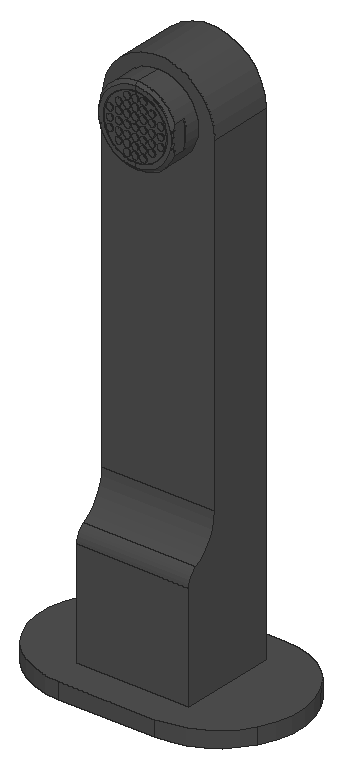
Revit family "Reece_Tap_Mizu_Soothe_Bath Outlet_160 mm", category Plumbing Fixtures, host Face, Revit 2018
Family settings
  Host = Face
  Round Connector Dimension = Use Diameter
  Part Type = Normal
  Cut with Voids When Loaded = No
  Shared = Yes
  Room Calculation Point = Yes
Parameters (values of type "Matte Black")
  WFU = 0  # constant formula
  URL = "https://www.reece.com.au/product/-9505362"
  Type Comments = "Tap"
  Reece_Tap_Reach = 160 mm  # constant formula
  Reece_Tap_Inlet = 12 mm  # constant formula
  Reece_Product_Web Page = "https://www.reece.com.au/product/-9505362"
  Reece_Product_Type = "Tap"  # constant formula
  Reece_Product_Sub Brand = "Soothe"  # constant formula
  Reece_Product_Number = "9505362"
  Reece_Product_Mount = "Wall Mounted"
  Reece_Product_Description = "Mizu Soothe Bath Outlet 160mm Matte Black"
  Reece_Product_Brand = "Mizu"  # constant formula
  Reece_Overall_Width = 80 mm  # constant formula
  Reece_Overall_Projection = 176 mm  # constant formula
  Reece_Material-Main = Reece_Brass_Matte Black
  Reece_Detail_Installation = ""
  Reece_Detail_Disclaimer = "THIS FILE IS THE PROPERTY OF THE REECE GROUP. IT MAY NOT BE REPRODUCED, REVERSE-ENGINEERED OR MODIFIED. ANY REPUBLICATION, TRANSMISSION OR DISTRIBUTION FOR THE PURPOSE OF COMMERCIALLY EXPLOITING THE FILES IS PROHIBITED."  # constant formula
  Reece_Detail_Connector = ""
  Reece_Detail_Additional = ""
  Reece_Backplate_Height = 5 mm  # constant formula
  Model = "Soothe"
  Manufacturer = "Mizu"
  Keynote = "Product #9505362, Reece_Tap_Mizu_Soothe_Bath Outlet_160 mm - Matte Black"
  HWFU = 0  # constant formula
  Disclaimer = "THIS FILE IS THE PROPERTY OF THE REECE GROUP. IT MAY NOT BE REPRODUCED, REVERSE-ENGINEERED OR MODIFIED. ANY REPUBLICATION, TRANSMISSION OR DISTRIBUTION FOR THE PURPOSE OF COMMERCIALLY EXPLOITING THE FILES IS PROHIBITED."  # constant formula
  Description = "Mizu Soothe Bath Outlet 160mm Matte Black"
  Default Elevation = 1000 mm
  CWFU = 0  # constant formula
Types (3, lengths in mm): name | URL | Reece_Product_Web Page | Reece_Product_Number | Reece_Product_Description | Reece_Material-Main | Reece_Detail_Additional | Keynote | Description
  (no name) | "https://www.reece.com.au/product/-9503821" | "https://www.reece.com.au/product/-9503821" | "9503821" | "Mizu Soothe Bath Outlet 160mm Chrome" | Reece_Brass_Chrome | "Bath Outlet" | "Product #9503821, Reece_Tap_Mizu_Soothe_Bath Outlet_160 mm -  " | "Mizu Soothe Bath Outlet 160mm Chrome"
  Chrome | "https://www.reece.com.au/product/-9503821" | "https://www.reece.com.au/product/-9503821" | "9503821" | "Mizu Soothe Bath Outlet 160mm Chrome" | Reece_Brass_Chrome | "Bath Outlet" | "Product #9503821, Reece_Tap_Mizu_Soothe_Bath Outlet_160 mm - Chrome" | "Mizu Soothe Bath Outlet 160mm Chrome"
  Matte Black | "https://www.reece.com.au/product/-9505362" | "https://www.reece.com.au/product/-9505362" | "9505362" | "Mizu Soothe Bath Outlet 160mm Matte Black" | Reece_Brass_Matte Black | "" | "Product #9505362, Reece_Tap_Mizu_Soothe_Bath Outlet_160 mm - Matte Black" | "Mizu Soothe Bath Outlet 160mm Matte Black"
Reference planes
  plane 1 "Center (Front/Back)": y = 0
  plane 2 "Bottom": z = 0
  plane 3 "Center (Left/Right)": x = 0
  plane 4: z = 176
  plane 5: x = -17.5
  plane 6: x = 17.5
  plane 7: z = 160
  plane 8: x = 40
  plane 9: x = -40
  plane 10: z = 5
  plane 11: y = -25
  plane 12: y = 25
Forms (mm)
  Extrusion 1, void
    sketch origin (0, 0, 0) x (1, 0, 0) y (0, 1, 0)
      loop
        circle (0, 0) r 11.771
    from -16.545 to 0
  Extrusion 2, solid, material "Reece_Brass_Matte Black" <- "Reece_Material-Main"
    sketch origin (0, 15, 0) x (1, 0, 0) y (0, 0, 1)
      loop
        arc (17.5, 158.5) -> (0, 176) -> (-17.5, 158.5) r 17.5
        line (-17.5, 158.5) -> (-17.5, 5) -> (17.5, 5) -> (17.5, 158.5)
    from 0 to 30
  Extrusion 3, solid, material "Reece_Brass_Matte Black" <- "Reece_Material-Main"
    sketch origin (0, -1, 0) x (1, 0, 0) y (0, 1, 0)
      loop
        arc (-15, 26) -> (-27.714, 22.526) -> (-36.894, 13.068) r 25
        arc (-36.894, 13.068) -> (-40, 0.882) -> (-36.779, -11.275) r 25
        arc (-36.779, -11.275) -> (-27.612, -20.586) -> (-15, -24) r 25
        line (-15, -24) -> (15, -24)
        arc (15, -24) -> (27.612, -20.586) -> (36.779, -11.275) r 25
        arc (36.779, -11.275) -> (40, 0.882) -> (36.894, 13.068) r 25
        arc (36.894, 13.068) -> (27.714, 22.526) -> (15, 26) r 25
        line (15, 26) -> (-15, 26)
    from 0 to 5
  Extrusion 4, void
    sketch origin (0, 0, 0) x (0, 1, 0) y (0, 0, 1)
      loop
        line (-15, 5) -> (-15, 38)
        arc (-15, 38) -> (-14.256, 40.762) -> (-12.225, 42.776) r 5.497
        arc (-12.225, 42.776) -> (-6.937, 48.02) -> (-5, 55.21) r 14.312
        line (-5, 55.21) -> (-5, 188.5) -> (-50, 188.5) -> (-50, 5) -> (-15, 5)
    from -32.43 to 31.843
  Revolve 5, solid, material "Reece_Brass_Matte Black" <- "Reece_Material-Main"
    sketch origin (0, -99.918, 94.223) x (0, 0, -1) y (0, 1, 0)
      loop
        line (-65.777, 94.918) -> (-78.132, 94.918) -> (-78.132, 86.984) -> (-77.148, 86) -> (-75.777, 86) -> (-75.777, 90.187) -> (-65.777, 90.187) -> (-65.777, 94.918)
      loop
        line (-65.777, 86) -> (-65.777, 89.992) -> (-75.53, 89.992) -> (-75.53, 86) -> (-65.777, 86)
      axis (-65.777, 94.918) -> (-65.777, 86)
    angle from 0 to 360
  Extrusion 6, void
    sketch origin (0, -94.257, 89.606) x (0, 0.052336, -0.99863) y (0, 0.99863, 0.052336)
      loop
        line (-60.881, 87.833) -> (-70.867, 88.357) -> (-71.198, 82.038) -> (-61.212, 81.515) -> (-60.881, 87.833)
    from 11.559 to 14.294
  Extrusion 7, void
    sketch origin (0, -94.257, 89.606) x (0, 0.052336, -0.99863) y (0, -0.99863, -0.052336)
      loop
        line (-60.881, -87.833) -> (-61.212, -81.515) -> (-71.198, -82.038) -> (-70.867, -88.357) -> (-60.881, -87.833)
    from 11.559 to 14.294
  Extrusion 8, solid, material "Reece_Brass_Matte Black" <- "Reece_Material-Main", detail levels fine
    sketch origin (0, 0, 0) x (1, 0, 0) y (0, 0, 1)
      loop
        circle (0, 160) r 1
      loop
        circle (2.507, 160) r 1
      loop
        circle (5.182, 160) r 1
      loop
        circle (7.948, 160) r 1
      loop
        circle (-2.507, 160) r 1
      loop
        circle (-5.182, 160) r 1
      loop
        circle (-7.948, 160) r 1
      loop
        circle (0, 162.879) r 1
      loop
        circle (2.507, 162.879) r 1
      loop
        circle (5.182, 162.879) r 1
      loop
        circle (7.948, 162.879) r 1
      loop
        circle (-2.507, 162.879) r 1
      loop
        circle (-5.182, 162.879) r 1
      loop
        circle (-7.948, 162.879) r 1
      loop
        circle (0, 165.451) r 1
      loop
        circle (2.507, 165.451) r 1
      loop
        circle (5.182, 165.451) r 1
      loop
        circle (-2.507, 165.451) r 1
      loop
        circle (-5.182, 165.451) r 1
      loop
        circle (0, 167.96) r 1
      loop
        circle (2.507, 167.96) r 1
      loop
        circle (-2.507, 167.96) r 1
      loop
        circle (0, 157.121) r 1
      loop
        circle (2.507, 157.121) r 1
      loop
        circle (5.182, 157.121) r 1
      loop
        circle (7.948, 157.121) r 1
      loop
        circle (-2.507, 157.121) r 1
      loop
        circle (-5.182, 157.121) r 1
      loop
        circle (-7.948, 157.121) r 1
      loop
        circle (0, 154.549) r 1
      loop
        circle (2.507, 154.549) r 1
      loop
        circle (5.182, 154.549) r 1
      loop
        circle (-2.507, 154.549) r 1
      loop
        circle (-5.182, 154.549) r 1
      loop
        circle (0, 152.04) r 1
      loop
        circle (2.507, 152.04) r 1
      loop
        circle (-2.507, 152.04) r 1
    from 9.926 to 14.011
  Revolve 9, void
    sketch origin (0, 0, 0) x (0, 1, 0) y (0, 0, 1)
      loop
        line (11.771, 0) -> (11.771, 15) -> (8.562, 15) -> (8.562, 36.901) -> (0, 36.901) -> (0, 0) -> (11.771, 0)
      axis (0, 36.901) -> (0, 0)
    angle from 0 to 360
Cuts and joins
  Extrusion 4, Revolve 9 cuts Extrusion 2
  Extrusion 6, Extrusion 7 cuts Revolve 5
  Extrusion 1, Revolve 9 cuts Extrusion 3
Text (mm)
  text "Reece Copyright © 2018, Reece Ltd." at (-217.133, -212.557, 0), in view "Ref. Level"
  text "Reece ©" at (88.514, 214.821, 104.086), in view "Reece Preview"
Dimensions and locks
  plane 6 to plane 5 = 35 mm
  "Reece_Tap_Reach": plane 7 to host face
  "Reece_Overall_Projection": plane 4 to host face
  "Reece_Overall_Width": plane 9 to plane 8
  plane 7 to host face = 160 mm
  cut or joined group of Extrusion 2, Extrusion 4, Revolve 9 to cut or joined group of Extrusion 2, Extrusion 4, Revolve 9 = 20 mm
  "Reece_Backplate_Height": plane 10 to plane 2 "Bottom"
  plane 11 to plane 12 = 50 mm
  aligned and locked: plane 2 "Bottom" to host face
  aligned and locked: level to host face
Automatic sketch dimensions
  host sketch curve to host sketch curve = 380.785 mm
  host sketch curve to host sketch curve = 317.421 mm
  Extrusion 2 sketch curve to plane 5 = 0 mm
  Extrusion 2 sketch curve to plane 3 "Center (Left/Right)" = 0 mm
  level to Extrusion 2 sketch curve = 5 mm
  Extrusion 2 sketch curve to plane 7 = 1.5 mm
  Revolve 5 sketch curve to plane 7 = 0 mm  (x3)
  Revolve 5 sketch curve to plane 4 = 6.247 mm
  Revolve 5 sketch curve to Revolve 5 sketch curve = 0.247 mm
  Revolve 5 sketch curve to Revolve 5 sketch curve = 1.372 mm
  Revolve 5 sketch curve to plane 4 = 3.644 mm
  Revolve 5 sketch curve to Revolve 5 sketch curve = 0 mm
  Revolve 5 sketch curve to Revolve 5 sketch curve = 0.984 mm
  Revolve 5 sketch curve to Revolve 5 sketch curve = 3.992 mm
  Revolve 5 sketch curve to Revolve 5 sketch curve = 0.196 mm
  plane 1 "Center (Front/Back)" to Revolve 5 sketch curve = 5 mm
  Revolve 5 sketch curve to Revolve 5 sketch curve = 0.96 mm
  Revolve 5 sketch curve to Revolve 5 sketch curve = 1.082 mm
  plane 7 to Extrusion 6 sketch curve = 5 mm
  Extrusion 6 sketch curve to Extrusion 6 sketch curve = 0.331 mm
  Extrusion 6 sketch curve to Extrusion 6 sketch curve = 9.986 mm
  Extrusion 6 sketch curve to Extrusion 6 sketch curve = 0.523 mm
  plane 7 to Extrusion 7 sketch curve = 5 mm
  Extrusion 7 sketch curve to Extrusion 7 sketch curve = 0.331 mm
  Extrusion 7 sketch curve to Extrusion 7 sketch curve = 9.986 mm
  Extrusion 7 sketch curve to Extrusion 7 sketch curve = 5.795 mm
  level to Extrusion 4 sketch curve = 5 mm
  Extrusion 4 sketch curve to Extrusion 4 sketch curve = 5.497 mm
  plane 1 "Center (Front/Back)" to Extrusion 4 sketch curve = 5 mm
  plane 4 to Extrusion 4 sketch curve = 12.5 mm
  Extrusion 4 sketch curve to Extrusion 4 sketch curve = 33 mm
  Extrusion 4 sketch curve to Extrusion 4 sketch curve = 0 mm
  Revolve 9 sketch curve to plane 1 "Center (Front/Back)" = 0 mm  (x2)
  level to Revolve 9 sketch curve = 0 mm  (x2)
  Revolve 9 sketch curve to plane 1 "Center (Front/Back)" = 8.562 mm
  Revolve 9 sketch curve to plane 1 "Center (Front/Back)" = 11.771 mm
  Revolve 9 sketch curve to plane 10 = 10 mm
  Revolve 9 sketch curve to Revolve 9 sketch curve = 21.901 mm
  Revolve 9 sketch curve to Revolve 9 sketch curve = 0 mm
  plane 1 "Center (Front/Back)" to Extrusion 1 sketch curve = 0 mm
  Extrusion 1 sketch curve to plane 3 "Center (Left/Right)" = 0 mm
  Extrusion 8 sketch curve to plane 7 = 0 mm  (x7)
  Extrusion 8 sketch curve to plane 3 "Center (Left/Right)" = 0 mm  (x7)
  Extrusion 8 sketch curve to Extrusion 8 sketch curve = 2.507 mm  (x6)
  Extrusion 8 sketch curve to plane 3 "Center (Left/Right)" = 2.507 mm
  Extrusion 8 sketch curve to Extrusion 8 sketch curve = 2.675 mm  (x6)
  Extrusion 8 sketch curve to Extrusion 8 sketch curve = 0 mm  (x18)
  Extrusion 8 sketch curve to Extrusion 8 sketch curve = 2.766 mm  (x6)
  plane 3 "Center (Left/Right)" to Extrusion 8 sketch curve = 2.507 mm  (x7)
  Extrusion 8 sketch curve to plane 7 = 2.879 mm  (x3)
  Extrusion 8 sketch curve to Extrusion 8 sketch curve = 2.571 mm  (x7)
  Extrusion 8 sketch curve to Extrusion 8 sketch curve = 2.51 mm  (x3)
  Extrusion 8 sketch curve to Extrusion 8 sketch curve = 2.879 mm  (x3)
  plane 1 "Center (Front/Back)" to Extrusion 4 sketch curve = 9.503 mm
  Extrusion 4 sketch curve to Extrusion 4 sketch curve = 14.312 mm
  Extrusion 4 sketch curve to Extrusion 4 sketch curve = 35 mm
  Revolve 5 sketch curve to Revolve 5 sketch curve = 3.77 mm
  plane 1 "Center (Front/Back)" to Extrusion 6 sketch curve = 16.057 mm
  plane 1 "Center (Front/Back)" to Extrusion 7 sketch curve = 16.057 mm
  Extrusion 3 sketch curve to Extrusion 3 sketch curve = 0 mm  (x12)
  plane 11 to Extrusion 3 sketch curve = 0 mm
  plane 1 "Center (Front/Back)" to Extrusion 3 sketch curve = 0 mm
  plane 5 to Extrusion 3 sketch curve = 2.5 mm
  Extrusion 3 sketch curve to plane 6 = 2.5 mm
  Extrusion 3 sketch curve to plane 9 = 3.221 mm
  Extrusion 3 sketch curve to plane 9 = 3.106 mm
  Extrusion 3 sketch curve to plane 8 = 3.221 mm
  Extrusion 3 sketch curve to plane 8 = 3.106 mm
  radius of Extrusion 1 sketch curve = 11.771 mm
  radius of Extrusion 8 sketch curve = 1 mm  (x37)
Connectors
  piping at (0, 0, -9.564), diameter 12, driven by "Reece_Tap_Inlet"
    settings: on host face, index 1, connector inside diameter 609.6 mm, connector length 0 mm, flow factor 0, pipe flow 0.0 L/s, pressure drop 0.0 Pa, fitting loss kfactor 0, connector angle 0.00°, fixture units 0, engagement length 0 mm, angle of deflection 0.00°, flow configuration 0, flow direction 1, fitting loss method 0, system type 29, joint type 0, gender type 0, connector reference index -1, connector utility 0, adjustable connector no, is connector primary yes, connector description ""
